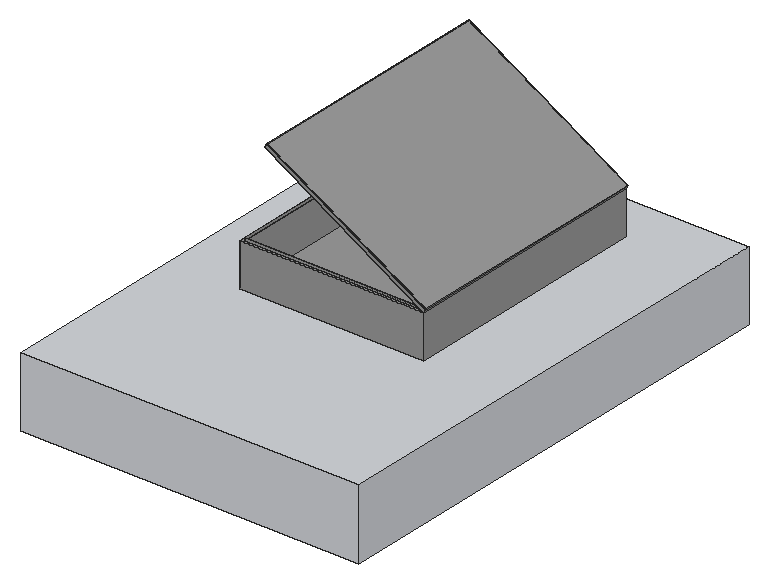
Revit family "Hager-Univers-IP44-D205-H1100-Cl.II-Encl-CH-fr", category Equipement électrique, Revit 2020
Family settings
  Hôte = Face
  Configuration du panneau = Deux colonnes, circuits au sein
  Cote de connecteur circulaire = Utiliser le diamètre
  Type d'élément = Tableau de raccordement
  Couper avec des vides une fois chargée = Non
  Partagée = Non
  Point de calcul de pièce = Non
Parameters (values of type "saillie IP44 L800 H1100 P205  - FP73QS")
  Width Control [instance] = if([EF000008 - largeur] > Min Width, [EF000008 - largeur], Min Width)  # 800 mm
  Commentaires du type = [HG000003 - Gamme]  # "Univers"
  Thickness Door [instance] = if([EF009171 - épaisseur de matériau de la porte/du couvercle] > 3 mm, 3 mm, [EF009171 - épaisseur de matériau de la porte/du couvercle])  # 1 mm
  Seal Frame Offset [instance] = 17 mm  # constant formula
  Plinth Visibility [instance] = [HG000027 - Hauteur du socle] > 0 mm  # no
  Model = ""
  Min Width [instance] = 100 mm  # constant formula
  Min Height [instance] = 100 mm  # constant formula
  Min Depth [instance] = (2 * [EF009170 - épaisseur de matériau du boîtier]) + 1 mm  # 3 mm
  Internal Frame Depth [instance] = (Door System Depth * 0.5)  # 9 mm
  Height Control [instance] = if([EF000040 - hauteur] > Min Height, [EF000040 - hauteur], Min Height)  # 1100 mm
  HG000027 - Hauteur du socle = 0 mm
  HG000026 - Installation au sol = no
  HG000024 - Hauteur de la section basse = 800 mm
  HG000023 - Armoire double section = no
  HG000016 - Visibilité de la porte 3D [instance] = yes
  HG000015 - Visibilité de l'emprise de la porte [instance] = no
  HG000014 - Porte à droite [instance] = yes
  HG000013 - Porte à gauche [instance] = not([HG000014 - Porte à droite])  # no
  HG000012 - Angle de pivotement de la porte [instance] = 30.00°
  HG000010 - Portes asymétriques = no
  HG000009 - Porte à double battant = no
  HG000006 - Encastré = no
  HG000004 - Référence fabricant = "FP73QS"
  HG000003 - Gamme = "Univers"
  HG000002 - avec porte = yes
  Frame Offset Bottom [instance] = 10 mm  # constant formula
  Frame Offset [instance] = 15 mm  # constant formula
  EF015940 - couvercle avec décharge de pression = no
  EF011959 - degré de protection (NEMA) = ""
  EF009554 - nombre d'ouvertures pour plaques à bride = 6
  Fabricant = "Hager"  # constant formula
  EF009212 - finition du couvercle = "EV000116 - fermé"
  EF009171 - épaisseur de matériau de la porte/du couvercle = 1 mm
  EF009170 - épaisseur de matériau du boîtier = 1 mm
  EF008873 - courant nominal (In) = 250 A
  EF007800 - adapté à un parafoudre = no
  EF006306 - avec serrure = no
  EF006244 - couvercle/porte transparent(e) = no
  EF005474 - indice de protection (IP) = "EV006418 - IP44"
  EF004464 - type de porte = "EV002646 - unique"
  EF004427 - nombre de modules = 252
  EF004293 - indice de protection contre les chocs (IK) = "EV006815 - IK09"
  EF003532 - convient pour utilisation à l’extérieur = no
  EF002950 - largeur en nombre de modules = 36
  EF001613 - maintien de fonction = "EV000494 - sans"
  EF001596 - matériau du boîtier/corps = "EV000179 - acier"
  EF001131 - profondeur intérieure = 143 mm
  EF001088 - possibilité de montage en saillie = yes
  EF000437 - nombre d'entrées de conduit = 6
  EF000339 - type de capot = "EV001012 - couvercle"
  EF000266 - nombre de rangées = 7
  EF000218 - profondeur d'encastrement = 0 mm
  EF000118 - avec cadre/support de montage = no
  EF000116 - numéro RAL = "9010"
  EF000049 - profondeur = 205 mm
  EF000040 - hauteur = 1100 mm
  EF000008 - largeur = 800 mm
  EF000007 - couleur = "EV000202 - blanc"
  EF000003 - mode de pose = "EV000384 - saillie"
  Door System Leaf Tolerance [instance] = 1.5 mm  # constant formula
  Door System Depth [instance] = 18 mm  # constant formula
  Door Height [instance] = Height Control - [HG000027 - Hauteur du socle]  # 1100 mm
  Depth Control [instance] = if([EF000049 - profondeur] > Min Depth, [EF000049 - profondeur], Min Depth)  # 205 mm
  Default Elevation = 0 mm
  Connector Offset [instance] = Height Control / 2  # 550 mm
  Bottom Top Plate Trim [instance] = 1.5 mm  # constant formula
  Plinth height Ctrl [instance] = if([HG000027 - Hauteur du socle] > 0 mm, [HG000027 - Hauteur du socle], 12 mm)  # 12 mm
Types (5, lengths in mm): name | Width Control | HG000009 - Porte à double battant | HG000004 - Référence fabricant | EF009554 - nombre d'ouvertures pour plaques à bride | EF004464 - type de porte | EF004427 - nombre de modules | EF002950 - largeur en nombre de modules | EF000437 - nombre d'entrées de conduit | EF000008 - largeur
  saillie IP44 L1050 H1100 P205  - FP74QS | 1050 | yes | "FP74QS" | 8 | "EV003602 - double" | 336 | 48 | 8 | 1050
  saillie IP44 L1300 H1100 P205  - FP75QS | 1300 | yes | "FP75QS" | 10 | "EV003602 - double" | 420 | 60 | 10 | 1300
  saillie IP44 L300 H1100 P205  - FP71QS | 300 | no | "FP71QS" | 2 | "EV002646 - unique" | 84 | 12 | 2 | 300
  saillie IP44 L550 H1100 P205  - FP72QS | 550 | no | "FP72QS" | 4 | "EV002646 - unique" | 168 | 24 | 4 | 550
  saillie IP44 L800 H1100 P205  - FP73QS | 800 | no | "FP73QS" | 6 | "EV002646 - unique" | 252 | 36 | 6 | 800
Reference planes
  plane 1 "Center (Front/Back)": y = 0
  plane 2: z = 0
  plane 3 "Center (Left/Right)": x = 0
  plane 4: z = 205
  plane 5: y = 1
  plane 6: y = 550
  plane 7: y = 0
  plane 8: y = 1100
  plane 9: z = 0
  plane 10: x = -385
  plane 11: x = 385
  plane 12: x = 384
  plane 13: x = -384
  plane 14: y = 1099
  plane 15: x = -383
  plane 16: x = -400
  plane 17: x = 383
  plane 18: x = 400
  plane 19: x = 399
  plane 20: x = -399
  plane 21: y = 11
  plane 22: y = 1100
  plane 23: y = 1084
  plane 24: z = 187
  plane 25: z = 1
  plane 26: z = 186
  plane 27: z = 204
Forms (mm)
  Extrusion 1, solid
    sketch origin (0, 0, 0) x (1, 0, 0) y (0, 1, 0)
      loop
        line (-702.964, 1305) -> (-702.964, -811.445) -> (766.763, -811.445) -> (766.763, 1305) -> (-702.964, 1305)
    from 0 to -304.8
  Extrusion 2, solid, material "Hager_Steel_RAL7035_Light_Grey", visible <- "Plinth Visibility", detail levels medium+fine
    sketch origin (0, 0, 0) x (1, 0, 0) y (0, 1, 0)
      loop
        line (-400, 0) -> (400, 0) -> (400, 12) -> (-400, 12) -> (-400, 0)
    from 0 to 187
  Extrusion 3, solid, material "Hager_Steel_RAL7035_Light_Grey", detail levels medium+fine
    sketch origin (0, 0, 0) x (1, 0, 0) y (0, 1, 0)
      loop
        line (-400, 0) -> (400, 0) -> (400, 1100) -> (-400, 1100) -> (-400, 0)
    from 0 to 187
  Extrusion 4, void
    sketch origin (0, 0, 0) x (1, 0, 0) y (0, 1, 0)
      loop
        line (-399, 1) -> (399, 1) -> (399, 1099) -> (-399, 1099) -> (-399, 1)
    from 1 to 186
  Extrusion 5, void
    sketch origin (-381.607, -4572, 187) x (0, -1, 0) y (-1, 0, 0)
      loop
        line (-4583, 2.393) -> (-5656, 2.393) -> (-5656, -765.607) -> (-4583, -765.607) -> (-4583, 2.393)
    from 0 to 1 <- "EF009170 - épaisseur de matériau du boîtier"
  Extrusion 6, solid, material "Hager_Steel_RAL7035_Light_Grey", detail levels fine
    sketch origin (0, 0, 187) x (1, 0, 0) y (0, 1, 0)
      loop
        line (-384, 1084) -> (-384, 11) -> (384, 11) -> (384, 1084) -> (-384, 1084)
      loop
        line (-385, 10) -> (385, 10) -> (385, 1085) -> (-385, 1085) -> (-385, 10)
    from 0 to 9 <- "Internal Frame Depth"
  Extrusion 7, solid, material "Hager_Steel_RAL7035_Light_Grey", detail levels coarse
    sketch origin (0, 0, 0) x (1, 0, 0) y (0, 1, 0)
      loop
        line (-400, 0) -> (400, 0) -> (400, 1100) -> (-400, 1100) -> (-400, 0)
    from 0 to 205
  Sweep 8, void
    path in 3D
      loop
        line (-400, 12, 0) -> (400, 12, 0) -> (400, 12, 187) -> (-400, 12, 187) -> (-400, 12, 0)
    profile origin (-400, 12, 93.5) x (-1, 0, 0) y (0, -1, 0)
      loop
        line (0, 0) -> (0, 1.5) -> (-1.5, 1.5)
        arc (-1.5, 1.5) -> (-1.061, 0.439) -> (0, 0) r 1.5
Cuts and joins
  Extrusion 4, Extrusion 5 cuts Extrusion 3
  Sweep 8 cuts Extrusion 2
Lines and regions (mm)
  Masking region 1
    outline origin (0, 0, 0) x (1, 0, 0) y (0, 0, 1)
      loop
        line (-400, 205) -> (-400, 0) -> (400, 0) -> (400, 205) -> (-400, 205)
  Masking region 2, detail levels medium+fine
    outline origin (0, 140, 0) x (0, 1, 0) y (0, 0, 1)
      loop
        line (-140, 0) -> (960, 0) -> (960, 187) -> (-140, 187) -> (-140, 0)
  Masking region 3, not visible, detail levels medium+fine
    outline origin (0, 297.922, 0) x (0, 1, 0) y (0, 0, 1)
      loop
        line (263.578, 0) -> (303.578, 0) -> (303.578, 194)
        arc (303.578, 194) -> (300.649, 201.071) -> (293.578, 204) r 10
        line (293.578, 204) -> (263.578, 204) -> (263.578, 0)
  Masking region 4, detail levels coarse
    outline origin (0, 0, 180) x (0, 1, 0) y (0, 0, 1)
      loop
        line (0, -180) -> (1100, -180) -> (1100, 25) -> (0, 25) -> (0, -180)
  Masking region 5, visible <- "Plinth Visibility", detail levels medium+fine
    outline origin (0, 52.24, 12.345) x (0, 0, -1) y (0, 1, 0)
      loop
        line (10.845, -40.24) -> (-173.155, -40.24)
        arc (-173.155, -40.24) -> (-173.594, -41.301) -> (-174.655, -41.74) r 1.5
        line (-174.655, -41.74) -> (-174.655, -52.24) -> (12.345, -52.24) -> (12.345, -41.74)
        arc (12.345, -41.74) -> (11.285, -41.301) -> (10.845, -40.24) r 1.5
  Masking region 6, detail levels medium+fine
    outline origin (-381.607, -4572, 187) x (-1, 0, 0) y (0, -1, 0)
      loop
        line (18.393, -5672) -> (18.393, -4572) -> (-781.607, -4572) -> (-781.607, -5672) -> (18.393, -5672)
  Masking region 7, visible <- "Plinth Visibility", detail levels medium+fine
    outline origin (-381.607, -4727, 187) x (-1, 0, 0) y (0, -1, 0)
      loop
        arc (16.893, -4739) -> (17.332, -4737.939) -> (18.393, -4737.5) r 1.5
        line (18.393, -4737.5) -> (18.393, -4727) -> (-781.607, -4727) -> (-781.607, -4737.5)
        arc (-781.607, -4737.5) -> (-780.546, -4737.939) -> (-780.107, -4739) r 1.5
        line (-780.107, -4739) -> (16.893, -4739)
  Masking region 8, detail levels coarse
    outline origin (-442.548, -4669.526, 187) x (-1, 0, 0) y (0, -1, 0)
      loop
        line (-42.548, -5769.526) -> (-42.548, -4669.526) -> (-842.548, -4669.526) -> (-842.548, -5769.526) -> (-42.548, -5769.526)
  sketch lines
    curve 1: line (-400, 12, 187) -> (-400, 12, 0)
    curve 2: line (400, 12, 187) -> (-400, 12, 187)
    curve 3: line (400, 12, 187) -> (400, 12, 0)
    curve 4: line (-400, 12, 0) -> (400, 12, 0)
Dimensions and locks
  "Depth Control": plane 4 to Extrusion 1
  "HG000027 - Hauteur du socle": plane 1 "Center (Front/Back)" to plane 7
  "EF009170 - épaisseur de matériau du boîtier": plane 5 to plane 7
  locked: connector elem to plane 3 "Center (Left/Right)"
  equal spacing: plane 8, plane 6, plane 7
  locked: connector elem to plane 6
  "EF009170 - épaisseur de matériau du boîtier": plane 8 to plane 14
  "EF009170 - épaisseur de matériau du boîtier": plane 10 to plane 13
  "EF009170 - épaisseur de matériau du boîtier": plane 12 to plane 11
  "Frame Offset": plane 20 to plane 13
  "Frame Offset": plane 12 to plane 19
  "EF009170 - épaisseur de matériau du boîtier": plane 16 to plane 20
  "EF009170 - épaisseur de matériau du boîtier": plane 19 to plane 18
  "Seal Frame Offset": plane 16 to plane 15
  "Seal Frame Offset": plane 17 to plane 18
  "Frame Offset Bottom": plane 21 to plane 5
  "Frame Offset": plane 14 to plane 23
  equal spacing: plane 16, plane 3 "Center (Left/Right)", plane 18
  "Width Control": plane 16 to plane 18
  "EF009170 - épaisseur de matériau du boîtier": plane 4 to plane 27
  "EF009170 - épaisseur de matériau du boîtier": plane 24 to plane 26
  "EF009170 - épaisseur de matériau du boîtier": plane 25 to level
  "Door System Depth": plane 4 to plane 24
  "Height Control": plane 1 "Center (Front/Back)" to Extrusion 7 sketch curve
  "Height Control": Masking region 4 sketch curve to plane 1 "Center (Front/Back)"
  "Height Control": plane 1 "Center (Front/Back)" to plane 22
  "Bottom Top Plate Trim": profile plane to Sweep 8 sketch curve
  "Bottom Top Plate Trim": Sweep 8 sketch curve to profile plane
  "Plinth height Ctrl": plane 1 "Center (Front/Back)" to Extrusion 2 sketch curve
  "Plinth height Ctrl": Masking region 5 sketch curve to plane 1 "Center (Front/Back)"
  "Plinth height Ctrl": plane 1 "Center (Front/Back)" to Masking region 7 sketch curve
  "Thickness Door": Extrusion 6 sketch curve to Extrusion 6 sketch curve  (x3)
  "Thickness Door": cut or joined group of Extrusion 3, Extrusion 4, Extrusion 5 to Extrusion 6 sketch curve
  radius of Masking region 3 sketch curve = 10 mm
  "Bottom Top Plate Trim": radius of Masking region 5 sketch curve  (x2)
  "Bottom Top Plate Trim": radius of Sweep 8 sketch curve
  "Bottom Top Plate Trim": radius of Masking region 7 sketch curve  (x2)
  aligned and locked: plane 2 to Extrusion 1
  aligned and locked: level to Extrusion 1
  aligned and locked: level to Masking region 1 sketch curve
  aligned and locked: Masking region 1 sketch curve to plane 18
  aligned and locked: Masking region 1 sketch curve to plane 16
  aligned and locked: plane 7 to Masking region 2 sketch curve
  aligned and locked: level to Masking region 3 sketch curve
  aligned and locked: Masking region 3 sketch curve to plane 27
  aligned and locked: level to Masking region 2 sketch curve
  aligned and locked: plane 1 "Center (Front/Back)" to Extrusion 2 sketch curve
  aligned and locked: Extrusion 3 sketch curve to plane 7
  aligned and locked: plane 16 to Extrusion 3 sketch curve
  aligned and locked: plane 18 to Extrusion 3 sketch curve
  aligned and locked: plane 20 to Extrusion 4 sketch curve
  aligned and locked: plane 19 to Extrusion 4 sketch curve
  aligned and locked: Extrusion 4 sketch curve to plane 5
  aligned and locked: Extrusion 4 to plane 25
  aligned and locked: plane 26 to Extrusion 4
  aligned and locked: plane 24 to Extrusion 3
  aligned and locked: Extrusion 5 sketch curve to plane 21
  aligned and locked: Extrusion 5 sketch curve to plane 13
  aligned and locked: Extrusion 5 sketch curve to plane 12
  aligned and locked: plane 18 to Extrusion 7 sketch curve
  aligned and locked: plane 1 "Center (Front/Back)" to Extrusion 7 sketch curve
  aligned and locked: plane 16 to Extrusion 7 sketch curve
  aligned and locked: plane 4 to Extrusion 7
  aligned and locked: Extrusion 7 to level
  aligned and locked: level to Masking region 4 sketch curve
  aligned and locked: Masking region 4 sketch curve to plane 1 "Center (Front/Back)"
  aligned and locked: Masking region 4 sketch curve to plane 4
  aligned and locked: nested 1 to level
  aligned and locked: nested 1 to plane 16
  aligned and locked: plane 8 to Extrusion 3 sketch curve
  aligned and locked: plane 23 to Extrusion 5 sketch curve
  aligned and locked: plane 14 to Extrusion 4 sketch curve
  aligned and locked: Masking region 2 sketch curve to plane 8
  aligned and locked: level to Masking region 5 sketch curve
  aligned and locked: plane 16 to Extrusion 2 sketch curve
  aligned and locked: plane 18 to Extrusion 2 sketch curve
  aligned and locked: Masking region 5 sketch curve to plane 24
  aligned and locked: Masking region 2 sketch curve to plane 24
  aligned and locked: plane 24 to Extrusion 2
  aligned and locked: profile plane to Sweep 8 sketch curve  (x2)
  aligned and locked: Masking region 6 sketch curve to plane 18
  aligned and locked: Masking region 6 sketch curve to plane 22
  aligned and locked: Masking region 6 sketch curve to plane 16
  aligned and locked: plane 8 to plane 22
  aligned and locked: Masking region 6 sketch curve to plane 7
  aligned and locked: Masking region 7 sketch curve to plane 16
  aligned and locked: Masking region 7 sketch curve to plane 1 "Center (Front/Back)"
  aligned and locked: Masking region 7 sketch curve to plane 18
  aligned and locked: Masking region 8 sketch curve to plane 1 "Center (Front/Back)"
  aligned and locked: Masking region 8 sketch curve to plane 18
  aligned and locked: Masking region 8 sketch curve to plane 22
  aligned and locked: Masking region 8 sketch curve to plane 16
  aligned and locked: nested 2 to plane 7
  aligned and locked: plane 3 "Center (Left/Right)" to nested 2
  aligned and locked: nested 2 to plane 24
  aligned and locked: Extrusion 6 sketch curve to cut or joined group of Extrusion 3, Extrusion 4, Extrusion 5  (x4)
Automatic sketch dimensions
  Extrusion 1 sketch curve to Extrusion 1 sketch curve = 1469.727 mm
  Extrusion 1 sketch curve to Extrusion 1 sketch curve = 2116.445 mm
  Masking region 1 sketch curve to plane 4 = 0 mm
  plane 6 to Masking region 3 sketch curve = 11.5 mm
  Masking region 3 sketch curve to Masking region 3 sketch curve = 30 mm
  Masking region 5 sketch curve to plane 1 "Center (Front/Back)" = 0 mm
Nested families
  nested 1: "Hager_Enclosure_Symbol" at (-400, 0, 0) x (1, 0, 0) z (0, -1, 0), Height <- "Depth Control", Width <- "Width Control", type "Hager_Enclosure_Symbol"
    with Width_Ctrl 800 mm, Width 800 mm, Height_Ctrl 205 mm, Height 205 mm, A_Width_Int 13.453 mm, A_Width 161.438 mm, A_Height_Ctrl 179.375 mm, A_Height 179.375 mm
  nested 2: "EC000058_Univers_Door" at (0, 0, 187) x (1, 0, 0) z (0, 1, 0), Leaf_Tolerance <- "Door System Leaf Tolerance", Angle <- "HG000012 - Angle de pivotement de la porte", Door_Depth <- "Door System Depth", Door_Left <- "HG000013 - Porte à gauche", Transparent <- "EF006244 - couvercle/porte transparent(e)", Assymetrical <- "HG000010 - Portes asymétriques", Width <- "Width Control", Clearance <- "HG000015 - Visibilité de l'emprise de la porte", Double <- "HG000009 - Porte à double battant", 3d_Door <- "HG000016 - Visibilité de la porte 3D", Lock_Visibility <- "EF006306 - avec serrure", Width_Ctrl <- "Width Control", Door_Right <- "HG000014 - Porte à droite", Door <- "HG000002 - avec porte", Height <- "Door Height", Thickness <- "Thickness Door", type "EC000058_Univers_Door", detail levels medium+fine
    with min_wh 3 mm, Width_Ctrl 800 mm, Width 800 mm, Transparent no, Thickness 1 mm, Seal_Material Hager_Rubber, Lock_Visibility no, Lock_Material Hager_Plastic_RAL9005_Jet_Black, Leaf_Width 800 mm, Leaf_Tolerance_External_Sides 0 mm, Leaf_Tolerance 1.5 mm, Leaf_Offset 0 mm, Leaf_Height 1097 mm, Leaf_2_Width 800 mm, Leaf_2_Offset 400 mm, Leaf_1_Width 800 mm, Leaf_1_Offset 400 mm, Height_Ctrl 1100 mm, Height 1100 mm, Glass_Material Hager_Glass, Double_Clearance_Ctrl no, Double no, Door_Right_Ctrl yes, Door_Right yes, Door_Material Hager_Steel_RAL7035_Light_Grey, Door_Left_Ctrl no, Door_Left no, Door_Depth 18 mm, Door yes, Clearance_Material Hager_Clearance, Clearance_Depth 800 mm, Clearance_Ctrl no, Clearance no, Assymetrical no, Angle 30.00°, 3d_Door yes
Connectors
  electrical at (0, 550, 0)
    settings: on plane 9, index 1, voltage 0 V, apparent load 0 VA, apparent load phase1 0 VA, apparent load phase2 0 VA, apparent load phase3 0 VA, power factor 1, load classification "Other", number of poles 1, system type 30, power factor state 1, is connector primary yes, connector utility no, sub classification motor no, connector description ""
Definition of nested family "EC000058_Univers_Door"
  Parameters (values of type "EC000058_Univers_Door")
    min_wh [instance] = (2 * Thickness) + 1 mm  # 11 mm
    Width_Ctrl [instance] = 400 mm
    Width [instance] = 500 mm
    Transparent [instance] = yes
    Thickness [instance] = 5 mm
    Seal_Material [instance] = none
    Lock_Visibility [instance] = yes
    Lock_Material [instance] = none
    Leaf_Width [instance] = if((Width_Ctrl - 2 * Leaf_Tolerance_External_Sides) > 0 mm, (Width_Ctrl - 2 * Leaf_Tolerance_External_Sides), min_wh)  # 400 mm
    Leaf_Tolerance_External_Sides [instance] = 0 mm  # constant formula
    Leaf_Tolerance [instance] = 1.5 mm
    Leaf_Offset [instance] = 0 mm  # constant formula
    Leaf_Height [instance] = if((Height_Ctrl - 2 * Leaf_Tolerance) > 0 mm, (Height_Ctrl - 2 * Leaf_Tolerance), min_wh)  # 497 mm
    Leaf_2_Width [instance] = if(and(and(Double, Assymetrical), Door_Left), (Leaf_Width / 3) - (Leaf_Tolerance / 2), if(and(and(Double, Assymetrical), Door_Right), (Leaf_Width / 3) * 2 - (Leaf_Tolerance / 2), if(and(Double, not(Assymetrical)), (Leaf_Width / 2) - Leaf_Tolerance, Leaf_Width)))  # 400 mm
    Leaf_2_Offset [instance] = if(and(Double, Assymetrical), Leaf_2_Width / 2, if(and(Double, not(Assymetrical)), Leaf_Width / 4, Leaf_Width / 2))  # 200 mm
    Leaf_1_Width [instance] = if(and(and(Double, Assymetrical), Door_Right), (Leaf_Width / 3) - (Leaf_Tolerance / 2), if(and(and(Double, Assymetrical), Door_Left), (Width / 3) * 2 - (Leaf_Tolerance / 2), if(and(Double, not(Assymetrical)), (Leaf_Width / 2) - Leaf_Tolerance, Leaf_Width)))  # 400 mm
    Leaf_1_Offset [instance] = if(and(Double, Assymetrical), Leaf_1_Width / 2, if(and(Double, not(Assymetrical)), Leaf_Width / 4, Leaf_Width / 2))  # 200 mm
    Height_Ctrl [instance] = if(Height > min_wh, Height, min_wh)  # 500 mm
    Height [instance] = 500 mm
    Glass_Material [instance] = none
    Double_Clearance_Ctrl [instance] = and(Double, Clearance)  # no
    Double [instance] = no
    Door_Right_Ctrl [instance] = and(or(Door_Right, Double), Door)  # yes
    Door_Right [instance] = yes
    Door_Material [instance] = none
    Door_Left_Ctrl [instance] = and(or(Door_Left, Double), Door)  # no
    Door_Left [instance] = no
    Door_Depth [instance] = 30 mm
    Door [instance] = yes
    Default Elevation = 1219.2 mm
    Clearance_Material [instance] = none
    Clearance_Depth [instance] = if(Leaf_1_Width > Leaf_2_Width, Leaf_1_Width, Leaf_2_Width)  # 400 mm
    Clearance_Ctrl [instance] = and(not(Double), Clearance)  # yes
    Clearance [instance] = yes
    Assymetrical [instance] = yes
    Angle [instance] = 30.00°
    3d_Door [instance] = yes
  Reference planes
    plane 1 "Center (Front/Back)": y = 0
    plane 2 "Bottom": z = 0
    plane 3 "Center (Left/Right)": x = 0
    plane 4: z = 500
    plane 5: x = -200
    plane 6: x = 200
    plane 7: z = 500
    plane 8: x = -200
    plane 9: z = 0
    plane 10: x = 200
    plane 11: y = 0
    plane 12: z = 1.5
    plane 13: x = -600
    plane 14: y = -400
    plane 15: x = 600
    plane 16: x = 0
    plane 17: x = 0
    plane 18: x = -200
    plane 19: x = 200
    plane 20: z = 498.5
  Forms (mm)
    Extrusion 1, solid, material <- "Clearance_Material", visible <- "Double_Clearance_Ctrl"
      sketch origin (1200, 0, 0) x (1, 0, 0) y (0, 0, -1)
        loop
          line (-1800, -498.5) -> (-600, -498.5) -> (-600, 0) -> (-1800, 0) -> (-1800, -498.5)
      from 0 to -400
  Dimensions and locks
    equal spacing: plane 5, plane 3 "Center (Left/Right)", plane 6
    "Width_Ctrl": plane 5 to plane 6
    "Leaf_Offset": plane 5 to plane 8
    "Leaf_Offset": plane 6 to plane 10
    "Leaf_Offset": plane 9 to level
    "Leaf_Offset": plane 4 to plane 7
    "Height_Ctrl": plane 4 to level
    "Leaf_Tolerance": plane 12 to plane 9
    locked: plane 11 to plane 1 "Center (Front/Back)"
    "Leaf_1_Offset": plane 18 to plane 16
    "Leaf_2_Offset": plane 17 to plane 19
    "Leaf_1_Width": plane 13 to plane 8
    "Leaf_2_Width": plane 10 to plane 15
    "Clearance_Depth": plane 14 to plane 1 "Center (Front/Back)"
    "Leaf_Tolerance_External_Sides": plane 8 to plane 18
    "Leaf_Tolerance_External_Sides": plane 19 to plane 10
    "Leaf_Tolerance": plane 7 to plane 20
    aligned and locked: level to plane 2 "Bottom"
    aligned and locked: nested 1 to plane 16
    aligned and locked: nested 2 to plane 17
    aligned and locked: Extrusion 1 to plane 13
    aligned and locked: plane 15 to Extrusion 1
    aligned and locked: Extrusion 1 to plane 14
    aligned and locked: plane 12 to nested 1
    aligned and locked: nested 2 to plane 12
    aligned and locked: Extrusion 1 to plane 11
    aligned and locked: plane 20 to Extrusion 1
    aligned and locked: nested 2 to plane 11
    aligned and locked: nested 1 to plane 11
  Automatic sketch dimensions
    Extrusion 1 sketch curve to level = 0 mm
    plane 5 to Extrusion 1 sketch curve = 400 mm
    plane 6 to Extrusion 1 sketch curve = 400 mm
    Extrusion 1 sketch curve to plane 4 = 1.5 mm
  Nested families
    nested 1: "EC000058_Univers_Door_Leaf" at (0, 0, 1.5), Width <- "Leaf_1_Width", visible <- "Door_Left_Ctrl", Leaf_Height <- "Leaf_Height", Angle <- "Angle", 3d_Door <- "3d_Door", Transparent <- "Transparent", Clearance Material <- "Clearance_Material", Clearance <- "Clearance_Ctrl", Door_Material <- "Door_Material", Glass_Material <- "Glass_Material", Door_Depth <- "Door_Depth", Lock_Material <- "Lock_Material", Seal_Material <- "Seal_Material", Lock_Visibility <- "Lock_Visibility", Thickness <- "Thickness", type "EC000058_Univers_Door_Leaf"
      with Width 400 mm, Transparent_Glass_Offset 30 mm, Transparent_Ctrl yes, Transparent yes, Thickness 5 mm, Standard no, Seal_Material none, Seal_D2 8 mm, Seal_D1 1 mm, Offset_Internal_Frame 10 mm, Lock_Width 20 mm, Lock_Visibility_3d yes, Lock_Visibility yes, Lock_Thickness_3 3 mm, Lock_Thickness_2 1 mm, Lock_Thickness_1 3 mm, Lock_Radius_Offset_2 16 mm, Lock_Radius_Offset_1 15 mm, Lock_Radius_2 5 mm, Lock_Radius 6 mm, Lock_Offset 5 mm, Lock_Material none, Lock_Height 80 mm, Lock_Cover_Top_Offset_2d 17 mm, Lock_Cover_Height -65 mm, Leaf_Height 497 mm, Internal_Seal_Thickness 8 mm, Internal_Seal_Depth_2 4.5 mm, Internal_Frame_Depth 25 mm, Glass_Thickness -1 mm, Glass_Offset -2 mm, Glass_Material none, Door_Material none, Door_Depth 30 mm, Clearance Material none, Clearance yes, Angle_Ctrl 30.00°, Angle 30.00°, 3d_Door yes
    nested 2: "EC000058_Univers_Door_Leaf" at (0, 0, 1.5) x (-1, 0, 0) z (0, 0, 1), Width <- "Leaf_2_Width", visible <- "Door_Right_Ctrl", Leaf_Height <- "Leaf_Height", Angle <- "Angle", 3d_Door <- "3d_Door", Transparent <- "Transparent", Clearance Material <- "Clearance_Material", Clearance <- "Clearance_Ctrl", Door_Material <- "Door_Material", Glass_Material <- "Glass_Material", Door_Depth <- "Door_Depth", Lock_Material <- "Lock_Material", Seal_Material <- "Seal_Material", Lock_Visibility <- "Lock_Visibility", Thickness <- "Thickness", type "EC000058_Univers_Door_Leaf"
      with Width 400 mm, Transparent_Glass_Offset 30 mm, Transparent_Ctrl yes, Transparent yes, Thickness 5 mm, Standard no, Seal_Material none, Seal_D2 8 mm, Seal_D1 1 mm, Offset_Internal_Frame 10 mm, Lock_Width 20 mm, Lock_Visibility_3d yes, Lock_Visibility yes, Lock_Thickness_3 3 mm, Lock_Thickness_2 1 mm, Lock_Thickness_1 3 mm, Lock_Radius_Offset_2 16 mm, Lock_Radius_Offset_1 15 mm, Lock_Radius_2 5 mm, Lock_Radius 6 mm, Lock_Offset 5 mm, Lock_Material none, Lock_Height 80 mm, Lock_Cover_Top_Offset_2d 17 mm, Lock_Cover_Height -65 mm, Leaf_Height 497 mm, Internal_Seal_Thickness 8 mm, Internal_Seal_Depth_2 4.5 mm, Internal_Frame_Depth 25 mm, Glass_Thickness -1 mm, Glass_Offset -2 mm, Glass_Material none, Door_Material none, Door_Depth 30 mm, Clearance Material none, Clearance yes, Angle_Ctrl 30.00°, Angle 30.00°, 3d_Door yes
  Definition of nested family "EC000058_Univers_Door_Leaf"
    Parameters (values of type "EC000058_Univers_Door_Leaf")
      Width [instance] = 2000 mm
      Transparent_Glass_Offset [instance] = 30 mm
      Transparent_Ctrl [instance] = and(Transparent, [3d_Door])  # yes
      Transparent [instance] = yes
      Thickness [instance] = 5 mm
      Standard [instance] = and(not(Transparent), [3d_Door])  # no
      Seal_Material [instance] = none
      Seal_D2 [instance] = 8 mm  # constant formula
      Seal_D1 [instance] = 1 mm  # constant formula
      Offset_Internal_Frame [instance] = 10 mm  # constant formula
      Lock_Width [instance] = 20 mm  # constant formula
      Lock_Visibility_3d [instance] = and(Lock_Visibility, [3d_Door])  # yes
      Lock_Visibility [instance] = yes
      Lock_Thickness_3 [instance] = 3 mm  # constant formula
      Lock_Thickness_2 [instance] = 1 mm  # constant formula
      Lock_Thickness_1 [instance] = 3 mm  # constant formula
      Lock_Radius_Offset_2 [instance] = Lock_Radius_Offset_1 + 1 mm  # 16 mm
      Lock_Radius_Offset_1 [instance] = 15 mm  # constant formula
      Lock_Radius_2 [instance] = Lock_Radius - 1 mm  # 5 mm
      Lock_Radius [instance] = 6 mm  # constant formula
      Lock_Offset [instance] = 5 mm  # constant formula
      Lock_Material [instance] = none
      Lock_Height [instance] = 80 mm  # constant formula
      Lock_Cover_Top_Offset_2d [instance] = Lock_Radius_Offset_2 + 1 mm  # 17 mm
      Lock_Cover_Height [instance] = -(Lock_Height - Lock_Radius_Offset_1)  # -65 mm
      Leaf_Height [instance] = 2720.336 mm
      Internal_Seal_Thickness [instance] = 8 mm  # constant formula
      Internal_Seal_Depth_2 [instance] = 4.5 mm  # constant formula
      Internal_Frame_Depth [instance] = if(Door_Depth - Thickness > 5 mm, Door_Depth - Thickness, 5 mm)  # 25 mm
      Glass_Thickness [instance] = if(Thickness > 15 mm, Glass_Offset + 10 mm, -1 mm)  # -1 mm
      Glass_Offset [instance] = if(Thickness > 15 mm, -(Thickness + 10 mm) / 2, -2 mm)  # -2 mm
      Glass_Material [instance] = none
      Door_Material [instance] = none
      Door_Depth [instance] = 30 mm
      Default Elevation = 0 mm
      Clearance Material [instance] = none
      Clearance [instance] = yes
      Angle_Ctrl [instance] = if(Angle > 180.00°, 180.00°, Angle)  # 90.00°
      Angle [instance] = 90.00°
      3d_Door [instance] = yes
    Reference planes
      plane 1 "Center (Front/Back)": y = 0
      plane 2: z = 0
      plane 3 "Center (Left/Right)": x = 0
      plane 4: y = 2000
      plane 5: x = -1000
      plane 6: x = 1000
      plane 7: x = -3000
      plane 8: z = 2720.336
      plane 9: z = 30
      plane 10: z = 2690.336
      plane 11: x = 970
      plane 12: x = -970
      plane 13: y = -3
      plane 14: z = 107.833
      plane 15: y = -5
      plane 16: y = -223.314
      plane 17: x = -1000
      plane 18: z = 1360.168
      plane 19: y = 30
    Forms (mm)
      Extrusion 1, solid, material <- "Clearance Material", visible <- "Clearance"
        sketch origin (0, 0, 0) x (1, 0, 0) y (0, 0, 1)
          loop
            line (-3000, 2720.336) -> (-3000, 0) -> (1000, 0) -> (1000, 2720.336) -> (-3000, 2720.336)
        from 0 to -2000
      Extrusion 2, solid, material <- "Door_Material", visible <- "Standard", detail levels medium+fine
        sketch origin (-1000, 0, 0) x (0, 1, 0) y (-1, 0, 0)
          loop
            line (0, 30) -> (0, 25) -> (2000, 25) -> (2000, 30) -> (0, 30)
        from 0 to 2720.336 <- "Leaf_Height"
      Extrusion 3, solid, material <- "Door_Material", visible <- "Transparent_Ctrl", detail levels medium+fine
        sketch origin (-1000, 0, 0) x (0, 1, 0) y (-1, 0, 0)
          loop
            line (0, 25) -> (2000, 25) -> (2000, 30) -> (0, 30) -> (0, 25)
        from 0 to 2720.336 <- "Leaf_Height"
      Extrusion 4, void
        sketch origin (-1025, 2000, 0) x (0, 1, 0) y (0, 0, -1)
          loop
            line (-30, -2690.336) -> (-30, -30) -> (-1970, -30) -> (-1970, -2690.336) -> (-30, -2690.336)
        from 0 to 5 <- "Thickness"
      Sweep 5, solid, material <- "Seal_Material", visible <- "Transparent_Ctrl", detail levels fine
        path in 3D
          loop
            line (-1025, 30, 30) -> (-1025, 30, 2690.336) -> (-1025, 1970, 2690.336) -> (-1025, 1970, 30) -> (-1025, 30, 30)
        profile origin (-1025, 1000, 30) x (1, 0, 0) y (0, 0, 1)
          loop
            line (0, 0) -> (0, -8) -> (1, -8) -> (1, 0) -> (0, 0)
      Extrusion 6, solid, material <- "Glass_Material", visible <- "Transparent_Ctrl", detail levels medium+fine
        sketch origin (-1030, 0, 0) x (0, 1, 0) y (0, 0, -1)
          loop
            line (1970, -2690.336) -> (1970, -30) -> (30, -30) -> (30, -2690.336) -> (1970, -2690.336)
        from -2 <- "Glass_Offset" to -1 <- "Glass_Thickness"
      Extrusion 7, solid, material <- "Door_Material", visible <- "3d_Door", detail levels medium+fine
        sketch origin (-1025, 2000, 0) x (0, -1, 0) y (0, 0, -1)
          loop
            line (0, -2720.336) -> (2000, -2720.336) -> (2000, 0) -> (0, 0) -> (0, -2720.336)
          loop
            line (1995, -5) -> (5, -5) -> (5, -2715.336) -> (1995, -2715.336) -> (1995, -5)
        from 0 to 25 <- "Internal_Frame_Depth"
      Sweep 8, solid, material <- "Seal_Material", visible <- "Transparent_Ctrl", detail levels fine
        path in 3D
          loop
            line (-1025, 0, 0) -> (-1025, 2000, 0) -> (-1025, 2000, 2720.336) -> (-1025, 0, 2720.336) -> (-1025, 0, 0)
        profile origin (-1025, 0, 1360.168) x (1, 0, 0) y (0, 1, 0)
          loop
            line (0, 10) -> (2.975, 10)
            arc (2.975, 10) -> (4.053, 10.447) -> (4.5, 11.525) r 1.525
            line (4.5, 11.525) -> (4.5, 16.527)
            arc (4.5, 16.527) -> (4.069, 17.569) -> (3.027, 18) r 1.473
            line (3.027, 18) -> (0, 18) -> (0, 10)
      Extrusion 9, solid, material <- "Lock_Material", visible <- "Lock_Visibility_3d", detail levels fine
        sketch origin (-1030, 0, 0) x (0, 1, 0) y (0, 0, -1)
          loop
            arc (1993.5, -1400.168) -> (1994.561, -1399.729) -> (1995, -1398.668) r 1.5
            line (1995, -1398.668) -> (1995, -1320.168) -> (1975, -1320.168) -> (1975, -1398.668)
            arc (1975, -1398.668) -> (1975.439, -1399.729) -> (1976.5, -1400.168) r 1.5
            line (1976.5, -1400.168) -> (1993.5, -1400.168)
        from 3 <- "Lock_Thickness_1" to 0
      Blend 10, solid, material <- "Lock_Material", visible <- "Lock_Visibility_3d", detail levels fine
        base sketch origin (-1033, 0, 0) x (0, 1, 0) y (0, 0, -1)
          loop
            line (1975, -1320.168) -> (1975, -1398.668)
            arc (1975, -1398.668) -> (1975.439, -1399.729) -> (1976.5, -1400.168) r 1.5
            line (1976.5, -1400.168) -> (1993.5, -1400.168)
            arc (1993.5, -1400.168) -> (1994.561, -1399.729) -> (1995, -1398.668) r 1.5
            line (1995, -1398.668) -> (1995, -1320.168) -> (1975, -1320.168)
        top sketch origin (-1033, 0, 0) x (0, 1, 0) y (0, 0, -1)
          loop
            line (1976, -1320.168) -> (1976, -1398.668)
            arc (1976, -1398.668) -> (1976.146, -1399.022) -> (1976.5, -1399.168) r 0.5
            line (1976.5, -1399.168) -> (1993.5, -1399.168)
            arc (1993.5, -1399.168) -> (1993.854, -1399.022) -> (1994, -1398.668) r 0.5
            line (1994, -1398.668) -> (1994, -1320.168) -> (1976, -1320.168)
        from 0 to 1 <- "Lock_Thickness_2"
      Blend 11, solid, material <- "Lock_Material", visible <- "Lock_Visibility_3d", detail levels fine
        base sketch origin (-1034, 0, 0) x (0, 1, 0) y (0, 0, -1)
          loop
            line (1978, -1320.168) -> (1978, -1384.168)
            arc (1978, -1384.168) -> (1985, -1391.168) -> (1992, -1384.168) r 7
            line (1992, -1384.168) -> (1992, -1320.168) -> (1978, -1320.168)
        top sketch origin (-1034, 0, 0) x (0, 1, 0) y (0, 0, -1)
          loop
            line (1991, -1320.168) -> (1979, -1320.168) -> (1979, -1383.168)
            arc (1979, -1383.168) -> (1985, -1389.168) -> (1991, -1383.168) r 6
            line (1991, -1383.168) -> (1991, -1320.168)
        from 0 to 3 <- "Lock_Thickness_3"
      Extrusion 12, solid, material <- "Lock_Material", visible <- "Lock_Visibility_3d", detail levels fine
        sketch origin (-1030, 1975, 1320.168) x (1, 0, 0) y (0, -1, 0)
          loop
            line (-7, -19) -> (-7, -1) -> (0, -1) -> (0, 0) -> (-8, 0) -> (-8, -20) -> (0, -20) -> (0, -19) -> (-7, -19)
        from 0 to -65 <- "Lock_Cover_Height"
      Extrusion 13, void
        sketch origin (-1038, 1995, 1320.168) x (-1, 0, 0) y (0, 0, -1)
          loop
            line (-5, -65) -> (0, -65) -> (-5, -60) -> (-5, -65)
        from 0 to 20 <- "Lock_Width"
      Extrusion 14, void
        sketch origin (-1038, 1975, 1320.168) x (0, -1, 0) y (0, 0, -1)
          loop
            circle (-10, -15.995) r 6
          loop
            circle (-10, -15.995) r 5
        from 0 to 2
      Extrusion 15, solid, material <- "Lock_Material", visible <- "Lock_Visibility_3d", detail levels medium
        sketch origin (-1030, 0, 0) x (0, 1, 0) y (0, 0, -1)
          loop
            arc (1993.5, -1400.168) -> (1994.561, -1399.729) -> (1995, -1398.668) r 1.5
            line (1995, -1398.668) -> (1995, -1320.168) -> (1975, -1320.168) -> (1975, -1398.668)
            arc (1975, -1398.668) -> (1975.439, -1399.729) -> (1976.5, -1400.168) r 1.5
            line (1976.5, -1400.168) -> (1993.5, -1400.168)
        from 8 to 0
    Cuts and joins
      Extrusion 4 cuts Extrusion 3
      Extrusion 13, Extrusion 14 cuts Extrusion 9
      Extrusion 14 cuts Blend 11
      Extrusion 13, Extrusion 14 cuts Extrusion 12
      joined: Extrusion 9, Blend 10, Blend 11, Extrusion 12
      Extrusion 14 cuts Extrusion 15
    Lines and regions (mm)
      Masking region 1, visible <- "Lock_Visibility", detail levels fine
        outline origin (0, 0, 0) x (0, 1, 0) y (0, 0, 1)
          loop
            line (30, 1320.168) -> (33, 1320.168) -> (33, 1400.168) -> (30, 1400.168) -> (30, 1320.168)
      Masking region 2, visible <- "Lock_Visibility", detail levels fine
        outline origin (0, 3.143, 0) x (0, 1, 0) y (0, 0, 1)
          loop
            line (29.857, 1354.168) -> (30.857, 1354.168) -> (30.857, 1366.168) -> (29.857, 1366.168) -> (29.857, 1354.168)
      Masking region 3, detail levels medium+fine
        outline origin (0, 0, 0) x (0, 1, 0) y (0, 0, 1)
          loop
            line (0, 0) -> (30, 0) -> (30, 2720.336) -> (0, 2720.336) -> (0, 0)
      Masking region 4, detail levels medium+fine
        outline origin (0, 0, 0) x (1, 0, 0) y (0, 0, 1)
          loop
            line (-1000, 2720.336) -> (-1000, 0) -> (1000, 0) -> (1000, 2720.336) -> (-1000, 2720.336)
      Masking region 5, visible <- "Lock_Visibility", detail levels fine
        outline origin (-47.116, 0, 0) x (1, 0, 0) y (0, 0, 1)
          loop
            arc (1024.616, 1399.168) -> (1023.556, 1398.729) -> (1023.116, 1397.668) r 1.5
            line (1023.116, 1397.668) -> (1023.116, 1320.168) -> (1041.116, 1320.168) -> (1041.116, 1397.668)
            arc (1041.116, 1397.668) -> (1040.677, 1398.729) -> (1039.616, 1399.168) r 1.5
            line (1039.616, 1399.168) -> (1024.616, 1399.168)
      Masking region 6, visible <- "Lock_Visibility", detail levels medium+fine
        outline origin (-25, 0, 0) x (1, 0, 0) y (0, 0, 1)
          loop
            arc (1001.5, 1400.168) -> (1000.439, 1399.729) -> (1000, 1398.668) r 1.5
            line (1000, 1398.668) -> (1000, 1320.168) -> (1020, 1320.168) -> (1020, 1398.668)
            arc (1020, 1398.668) -> (1019.561, 1399.729) -> (1018.5, 1400.168) r 1.5
            line (1018.5, 1400.168) -> (1001.5, 1400.168)
      Masking region 7, visible <- "Lock_Visibility", detail levels fine
        outline origin (-73.735, 0, 0) x (1, 0, 0) y (0, 0, 1)
          loop
            line (1051.735, 1382.168) -> (1065.735, 1382.168) -> (1065.735, 1384.168)
            arc (1065.735, 1384.168) -> (1058.735, 1391.168) -> (1051.735, 1384.168) r 7
            line (1051.735, 1384.168) -> (1051.735, 1382.168)
      Masking region 8, visible <- "Lock_Visibility", detail levels fine
        outline origin (-73.735, 0, 0) x (1, 0, 0) y (0, 0, 1)
          loop
            line (1052.735, 1382.168) -> (1064.735, 1382.168) -> (1064.735, 1383.168)
            arc (1064.735, 1383.168) -> (1058.735, 1389.168) -> (1052.735, 1383.168) r 6
            line (1052.735, 1383.168) -> (1052.735, 1382.168)
      Masking region 9, visible <- "Lock_Visibility", detail levels fine
        outline origin (-25, 0, 0) x (1, 0, 0) y (0, 0, 1)
          loop
            line (1020, 1320.168) -> (1020, 1382.168) -> (1000, 1382.168) -> (1000, 1320.168) -> (1020, 1320.168)
      Masking region 10, detail levels medium+fine
        outline origin (0, 0, 0) x (1, 0, 0) y (0, 0, 1)
          loop
            circle (985, 1335.144) r 6
      Masking region 11, detail levels fine
        outline origin (0, 0, 0) x (1, 0, 0) y (0, 0, 1)
          loop
            circle (985, 1335.144) r 5
      Masking region 12, visible <- "Lock_Visibility", detail levels fine
        outline origin (0, 12.767, 0) x (0, 1, 0) y (0, 0, 1)
          loop
            line (20.233, 1320.168) -> (21.233, 1320.168) -> (21.233, 1399.168) -> (20.233, 1400.168) -> (20.233, 1320.168)
      Masking region 13, visible <- "Lock_Visibility", detail levels fine
        outline origin (0, 13.767, -10) x (0, 1, 0) y (0, 0, 1)
          loop
            line (20.233, 1330.168) -> (23.233, 1330.168) -> (23.233, 1399.168) -> (20.233, 1402.168) -> (20.233, 1330.168)
      Masking region 14, visible <- "Lock_Visibility", detail levels fine
        outline origin (0, 12.767, -10) x (0, 1, 0) y (0, 0, 1)
          loop
            line (20.233, 1330.168) -> (25.233, 1330.168) -> (25.233, 1399.305) -> (20.233, 1394.305) -> (20.233, 1330.168)
      Masking region 15, visible <- "Lock_Visibility", detail levels medium
        outline origin (0, 0, 0) x (0, 1, 0) y (0, 0, 1)
          loop
            line (30, 1320.168) -> (38, 1320.168) -> (38, 1400.168) -> (30, 1400.168) -> (30, 1320.168)
      Masking region 16, visible <- "Lock_Visibility", detail levels fine
        outline origin (-1000, 0, 0) x (0, 1, 0) y (-1, 0, 0)
          loop
            line (1975, 30) -> (1995, 30) -> (1995, 38) -> (1975, 38) -> (1975, 30)
          loop
            line (1979, 37) -> (1976, 37) -> (1976, 34) -> (1978, 34) -> (1979, 37)
          loop
            line (1994, 37) -> (1991, 37) -> (1992, 34) -> (1994, 34) -> (1994, 37)
      Masking region 17, visible <- "Lock_Visibility", detail levels medium
        outline origin (-1000, 0, 0) x (0, 1, 0) y (-1, 0, 0)
          loop
            line (1975, 30) -> (1995, 30) -> (1995, 38) -> (1975, 38) -> (1975, 30)
      symbolic lines
        curve 1: line (1000, 0, 0) -> (-3000, 0, 0)
        curve 2: arc (1000, 0, 0) -> (-1000, 2000, 0) -> (-3000, 0, 0) r 2000
        curve 4: line (-1030, 0, 0) -> (-1030, 2000, 0)
      reference lines
        curve 3: line (-1000, 0, 0) -> (-1000, 2000, 0)
      symbolic lines, detail levels medium+fine
        curve 5: line (-1030, 2000, 0) -> (-1025, 2000, 0)
        curve 7: line (-1025, 0, 0) -> (-1030, 0, 0)
        curve 8: line (-1025, 0, 0) -> (-1000, 0, 0)
        curve 9: line (-1000, 0, 0) -> (-1000, 2000, 0)
        curve 10: line (-1000, 2000, 0) -> (-1025, 2000, 0)
      symbolic lines, detail levels fine
        curve 6: line (-1025, 2000, 0) -> (-1025, 0, 0)
      sketch lines
        curve 11: line (-1025, 0, 2720.336) -> (-1025, 0, 0)
        curve 12: line (-1025, 2000, 0) -> (-1025, 0, 0)
        curve 13: line (-1025, 2000, 2720.336) -> (-1025, 2000, 0)
        curve 14: line (-1025, 0, 2720.336) -> (-1025, 2000, 2720.336)
        curve 15: line (-1025, 1970, 30) -> (-1025, 30, 30)
        curve 16: line (-1025, 30, 30) -> (-1025, 30, 2690.336)
        curve 17: line (-1025, 1970, 2690.336) -> (-1025, 1970, 30)
        curve 18: line (-1025, 30, 2690.336) -> (-1025, 1970, 2690.336)
      symbolic lines, visible <- "Transparent", detail levels medium+fine
        curve 19: line (-970, 0, 2690.336) -> (970, 0, 2690.336)
        curve 20: line (-970, 0, 30) -> (-970, 0, 2690.336)
        curve 21: line (970, 0, 30) -> (-970, 0, 30)
        curve 22: line (970, 0, 2690.336) -> (970, 0, 30)
    Dimensions and locks
      "Width": plane 1 "Center (Front/Back)" to plane 4
      equal spacing: plane 5, plane 3 "Center (Left/Right)", plane 6
      "Width": plane 5 to plane 6
      "Width": plane 7 to plane 5
      "Leaf_Height": plane 8 to level
      "Width": curve 5 to curve 3
      "Width": curve 3 to curve 3
      plane 8 to plane 10 = 30 mm
      plane 9 to level = 30 mm
      plane 12 to plane 5 = 30 mm
      plane 6 to plane 11 = 30 mm
      Extrusion 1 to Extrusion 4 sketch curve = 30 mm
      "Transparent_Glass_Offset": curve 3 to Extrusion 4 sketch curve
      "Transparent_Glass_Offset": Extrusion 4 sketch curve to cut or joined group of Extrusion 3, Extrusion 4  (x2)
      cut or joined group of Extrusion 3, Extrusion 4 to Extrusion 6 sketch curve = 30 mm
      "Transparent_Glass_Offset": cut or joined group of Extrusion 3, Extrusion 4 to Extrusion 4 sketch curve
      "Thickness": curve 6 to curve 4
      "Thickness": Extrusion 7 sketch curve to Extrusion 7 sketch curve  (x4)
      "Door_Depth": curve 4 to curve 3
      "Offset_Internal_Frame": profile plane to Sweep 8 sketch curve
      "Internal_Seal_Thickness": Sweep 8 sketch curve to Sweep 8 sketch curve
      "Internal_Seal_Depth_2": profile plane to Sweep 8 sketch curve
      "Seal_D1": profile plane to Sweep 5 sketch curve
      "Seal_D2": profile plane to Sweep 5 sketch curve
      "Thickness": Extrusion 2 sketch curve to Extrusion 2 sketch curve
      equal spacing: Extrusion 9 sketch curve, plane 18, Extrusion 9 sketch curve  (x2)
      equal spacing: Masking region 1 sketch curve, plane 18, Masking region 1 sketch curve
      "Lock_Height": Masking region 1 sketch curve to Masking region 1 sketch curve
      "Lock_Radius": Masking region 2 sketch curve to plane 18 to Masking region 2 sketch curve
      Masking region 2 sketch curve to Masking region 1 = 1 mm
      "Door_Depth": plane 19 to plane 1 "Center (Front/Back)"
      "Lock_Thickness_1": Masking region 1 sketch curve to plane 19
      "Lock_Width": Extrusion 9 sketch curve to Extrusion 9 sketch curve
      "Lock_Height": Extrusion 9 sketch curve to Extrusion 9 sketch curve
      "Lock_Offset": cut or joined group of Extrusion 3, Extrusion 4 to Extrusion 9 sketch curve
      equal spacing: plane 8, plane 18, level
      "Lock_Radius_Offset_1": Blend 11 sketch curve to Blend 10
      locked: Blend 10 to Blend 11 sketch curve at 2  (x2)
      locked: var sketch to Blend 11 sketch curve at 1  (x2)
      "Lock_Radius_Offset_2": Blend 11 sketch curve to Blend 10
      locked: Extrusion 12 sketch curve to Extrusion 12 sketch curve at 1  (x3)
      Masking region 6 sketch curve to Masking region 6 sketch curve = 80 mm
      "Lock_Height": Masking region 6 sketch curve to Masking region 6 sketch curve
      "Lock_Width": Masking region 6 sketch curve to Masking region 6 sketch curve
      locked: Masking region 6 to Masking region 5 sketch curve at 1  (x3)
      locked: Masking region 5 to Masking region 7 sketch curve at 2  (x2)
      "Lock_Radius_Offset_1": Masking region 5 to Masking region 7 sketch curve
      "Lock_Radius_Offset_2": Masking region 5 to Masking region 8 sketch curve
      locked: Masking region 7 to Masking region 8 sketch curve at 1  (x2)
      "Lock_Cover_Top_Offset_2d": Masking region 5 to Masking region 9 sketch curve
      equal spacing: Masking region 9, Masking region 10 sketch curve, Masking region 9
      equal spacing: Masking region 9, Masking region 11 sketch curve, Masking region 9
      Extrusion 15 sketch curve to Extrusion 15 sketch curve = 80 mm
      "Lock_Width": Extrusion 15 sketch curve to Extrusion 15 sketch curve
      "Lock_Height": Extrusion 15 sketch curve to Extrusion 15 sketch curve
      equal spacing: Extrusion 15 sketch curve, plane 18, Extrusion 15 sketch curve
      "Lock_Thickness_3": Masking region 13 sketch curve to Masking region 13 sketch curve
      "Lock_Height": Masking region 12 sketch curve to Masking region 12 sketch curve
      locked: Masking region 13 sketch curve to Masking region 1 at 8
      locked: Masking region 14 sketch curve to Masking region 13 at 1
      locked: Masking region 14 sketch curve to Masking region 1 at 10.863
      "Lock_Height": Masking region 15 sketch curve to Masking region 15 sketch curve
      "Lock_Offset": Extrusion 15 sketch curve to cut or joined group of Extrusion 3, Extrusion 4
      "Lock_Offset": plane 6 to Masking region 6 sketch curve
      radius of Sweep 8 sketch curve = 1.525 mm
      radius of Sweep 8 sketch curve = 1.473 mm
      radius of Extrusion 9 sketch curve = 1.5 mm  (x2)
      "Lock_Radius": radius of Extrusion 14 sketch curve
      "Lock_Radius_2": radius of Extrusion 14 sketch curve
      "Lock_Radius": radius of Masking region 10 sketch curve
      "Lock_Radius_2": radius of Masking region 11 sketch curve
      radius of Extrusion 15 sketch curve = 1.5 mm  (x2)
      "Angle_Ctrl": angle plane 1 "Center (Front/Back)" to curve 3
      locked: Masking region 12 sketch curve to Masking region 12 sketch curve (angle 45.00°)
      locked: Masking region 13 sketch curve to Masking region 13 sketch curve (angle 45.00°)
      locked: Masking region 14 sketch curve to Masking region 14 sketch curve (angle 45.00°)
      aligned and locked: level to plane 2
      aligned and locked: Extrusion 1 to curve 1
      aligned and locked: plane 6 to Extrusion 1
      aligned and locked: Extrusion 1 to plane 1 "Center (Front/Back)"
      aligned and locked: plane 4 to Extrusion 1
      aligned and locked: plane 8 to Extrusion 1
      aligned and locked: curve 7 to Extrusion 2 sketch curve
      aligned and locked: curve 5 to Extrusion 2 sketch curve
      aligned and locked: curve 7 to Extrusion 3 sketch curve
      aligned and locked: Extrusion 3 sketch curve to curve 4
      aligned and locked: Extrusion 3 sketch curve to curve 6
      aligned and locked: Extrusion 3 sketch curve to curve 5
      aligned and locked: curve 9 to curve 3
      aligned and locked: Extrusion 7 sketch curve to cut or joined group of Extrusion 3, Extrusion 4  (x4)
      aligned and locked: plane 17 to curve 3
      aligned and locked: plane 1 "Center (Front/Back)" to curve 3
      aligned and locked: plane 17 to plane 5
      aligned and locked: Sweep 8 sketch curve to profile plane
      aligned and locked: Sweep 5 sketch curve to profile plane  (x2)
      aligned and locked: Masking region 1 to Masking region 2 sketch curve
      aligned and locked: plane 19 to Masking region 1 sketch curve
      aligned and locked: plane 1 "Center (Front/Back)" to Masking region 3 sketch curve
      aligned and locked: plane 19 to Masking region 3 sketch curve
      aligned and locked: level to Masking region 3 sketch curve
      aligned and locked: Masking region 3 sketch curve to plane 8
      aligned and locked: plane 17 to Masking region 4 sketch curve
      aligned and locked: level to Masking region 4 sketch curve
      aligned and locked: Masking region 4 sketch curve to plane 8
      aligned and locked: plane 12 to curve 20
      aligned and locked: plane 10 to curve 19
      aligned and locked: plane 11 to curve 22
      aligned and locked: curve 21 to plane 9
      aligned and locked: Extrusion 2 sketch curve to cut or joined group of Extrusion 3, Extrusion 4
      aligned and locked: Blend 10 sketch curve to Extrusion 9  (x4)
      aligned and locked: Extrusion 9 to Blend 10 sketch curve
      aligned and locked: Blend 10 to Blend 11 sketch curve
      aligned and locked: Extrusion 12 sketch curve to Blend 11
      aligned and locked: Extrusion 12 sketch curve to Extrusion 9  (x4)
      aligned and locked: Masking region 5 sketch curve to Masking region 6
      aligned and locked: Masking region 9 sketch curve to Masking region 6  (x3)
      aligned and locked: Masking region 12 sketch curve to Masking region 1
      aligned and locked: Masking region 13 sketch curve to Masking region 1
      aligned and locked: Masking region 12 to Masking region 14
      aligned and locked: Masking region 14 sketch curve to Masking region 1
      aligned and locked: Masking region 15 sketch curve to Masking region 14
      aligned and locked: Masking region 13 sketch curve to Masking region 12
      aligned and locked: Masking region 16 sketch curve to cut or joined group of Extrusion 14, Extrusion 15  (x4)
      aligned and locked: Masking region 16 sketch curve to cut or joined group of Extrusion 9, Blend 10, Blend 11, Extrusion 12, Extrusion 13, Extrusion 14  (x6)
      aligned and locked: cut or joined group of Extrusion 9, Blend 10, Blend 11, Extrusion 12, Extrusion 13, Extrusion 14 to Masking region 16 sketch curve
      aligned and locked: Masking region 17 sketch curve to cut or joined group of Extrusion 14, Extrusion 15  (x3)
      aligned and locked: Masking region 17 sketch curve to cut or joined group of Extrusion 9, Blend 10, Blend 11, Extrusion 12, Extrusion 13, Extrusion 14
      aligned and locked: Masking region 9 to Masking region 8 sketch curve
      aligned and locked: Masking region 9 to Masking region 7 sketch curve
    Automatic sketch dimensions
      plane 1 "Center (Front/Back)" to curve 2 = 0 mm
      curve 2 to plane 5 = 0 mm
      Extrusion 1 sketch curve to level = 0 mm
      Extrusion 1 sketch curve to plane 7 = 0 mm
      Extrusion 1 sketch curve to plane 6 = 0 mm
      Extrusion 1 sketch curve to plane 8 = 0 mm
      Extrusion 3 to Extrusion 6 sketch curve = 30 mm  (x4)
      Masking region 4 sketch curve to plane 6 = 0 mm
      Blend 10 sketch curve to Extrusion 9 = 1.5 mm
      Blend 10 sketch curve to Extrusion 9 = 1 mm
      Extrusion 13 sketch curve to Extrusion 12 = 0 mm  (x2)
      Extrusion 12 to Extrusion 13 sketch curve = 3 mm
      Extrusion 13 sketch curve to Extrusion 12 = 5 mm
      Extrusion 14 sketch curve to Extrusion 14 sketch curve = 0 mm  (x2)
      Extrusion 14 sketch curve to Extrusion 12 = 10 mm
      Extrusion 14 sketch curve to Extrusion 12 = 15.995 mm
      Masking region 5 sketch curve to Masking region 5 sketch curve = 1.5 mm  (x2)
      Masking region 10 sketch curve to plane 18 = 25.024 mm
      Masking region 11 sketch curve to plane 18 = 25.024 mm
      plane 19 to Masking region 14 sketch curve = 3 mm
      Masking region 16 sketch curve to Masking region 16 sketch curve = 3 mm
      curve 4 to curve 3 = 0 mm
      Blend 10 to Blend 11 sketch curve = 0 mm
      Masking region 6 sketch curve to Masking region 6 sketch curve = 1.5 mm  (x2)
      Masking region 6 sketch curve to plane 18 = 40 mm
      plane 19 to Masking region 12 sketch curve = 3 mm
      Masking region 12 sketch curve to Masking region 12 sketch curve = 1 mm
      Masking region 15 sketch curve to plane 19 = 0 mm
      Masking region 15 sketch curve to plane 18 = 40 mm
      radius of Blend 10 sketch curve to Extrusion 9 = 1 mm
Definition of nested family "Hager_Enclosure_Symbol"
  Parameters (values of type "Hager_Enclosure_Symbol")
    Width_Ctrl [instance] = if(Width > 1 mm, Width, 1 mm)  # 102.27 mm
    Width [instance] = 102.27 mm
    Height_Ctrl [instance] = if(Height > 1 mm, Height, 1 mm)  # 66.5 mm
    A_Width_Int [instance] = if(A_Width / 12 > 2 mm, A_Width / 12, 2 mm)  # 4.364 mm
    A_Width [instance] = if(A_Height_Ctrl * 0.9 > 2 mm, A_Height_Ctrl * 0.9, 2 mm)  # 52.369 mm
    A_Height_Ctrl [instance] = if(A_Height > 2 mm, A_Height, 2 mm)  # 58.188 mm
    Height [instance] = 66.5 mm
    A_Height [instance] = Height - (Height / 8)  # 58.188 mm
  Reference planes
    plane 1 "Centre (avant/arrière)": y = 0
    plane 2: z = 0
    plane 3 "Centre (gauche/droite)": x = 0
    plane 4: x = 52.369
    plane 5: y = 33.042
    plane 6: y = 41.77
    plane 7: y = 66.5
    plane 8: x = 26.184
    plane 9: y = 37.406
    plane 10: x = 102.27
    plane 11: y = 66.5
    plane 12: y = 8.313
  Lines and regions (mm)
    Filled region 1, type "Solid_Black", in view "Niveau de réf."
      outline origin (0, 0, 0) x (1, 0, 0) y (0, 1, 0)
        loop
          line (52.369, 66.5) -> (33.188, 54.536) -> (45.365, 45.006) -> (52.369, 66.5)
    Filled region 2, type "Solid_Black", in view "Niveau de réf."
      outline origin (0, 0, 0) x (1, 0, 0) y (0, 1, 0)
        loop
          line (0, 0) -> (102.27, 0) -> (102.27, 66.5) -> (0, 0)
    detail lines, in view "Niveau de réf."
      curve 1: line (0, 8.313, 0) -> (26.184, 41.77, 0)
      curve 2: line (26.184, 41.77, 0) -> (26.184, 33.042, 0)
      curve 3: line (26.184, 33.042, 0) -> (52.369, 66.5, 0)
  Dimensions and locks
    "A_Width": plane 3 "Centre (gauche/droite)" to plane 4
    equal spacing: plane 3 "Centre (gauche/droite)", plane 8, plane 4
    equal spacing: plane 6, plane 9, plane 5
    equal spacing: curve 3, Filled region 1 sketch curve, Filled region 1 sketch curve
    "Height_Ctrl": plane 1 "Centre (avant/arrière)" to plane 11
    "A_Height_Ctrl": plane 11 to plane 12
    equal spacing: plane 11, plane 9, plane 12
    "A_Width_Int": plane 6 to plane 9
    "Width_Ctrl": plane 3 "Centre (gauche/droite)" to plane 10
    angle Filled region 1 sketch curve to curve 3 = 20.00°
    angle curve 3 to Filled region 1 sketch curve = 20.00°
    locked: curve 3 to Filled region 1 sketch curve (angle 90.00°)
    aligned and locked: plane 10 to Filled region 2
    aligned and locked: plane 11 to Filled region 2 sketch curve
    aligned and locked: plane 10 to Filled region 2 sketch curve
    aligned and locked: plane 3 "Centre (gauche/droite)" to curve 1
    aligned and locked: plane 12 to curve 1
    aligned and locked: plane 7 to plane 11
  Automatic sketch dimensions
    Filled region 1 sketch curve to plane 4 = 0 mm
    Filled region 1 sketch curve to plane 7 = 0 mm
    plane 1 "Centre (avant/arrière)" to Filled region 2 sketch curve = 0 mm
    Filled region 2 sketch curve to plane 3 "Centre (gauche/droite)" = 0 mm
    curve 2 to plane 6 = 0 mm
    curve 2 to plane 8 = 0 mm
    curve 3 to plane 4 = 0 mm
    curve 2 to plane 5 = 0 mm
    curve 3 to plane 7 = 0 mm
